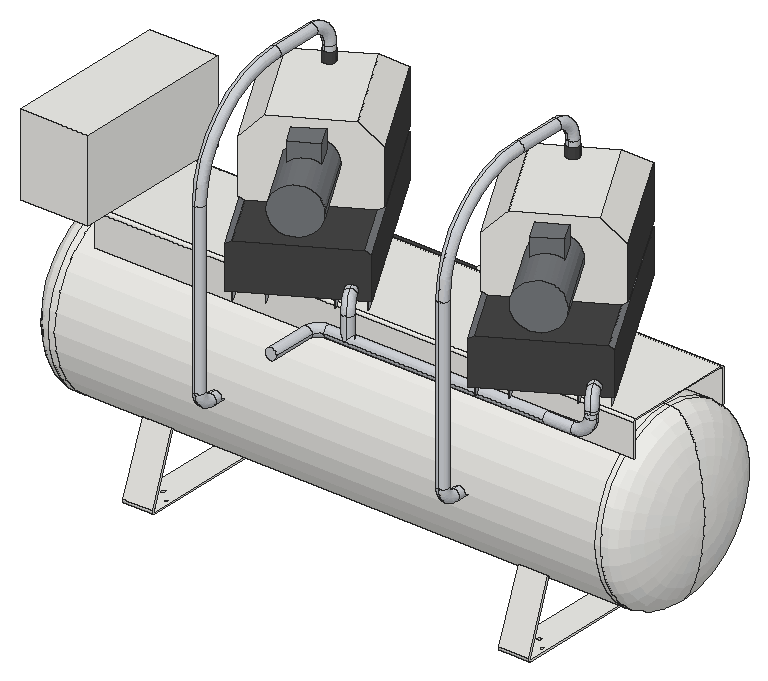
Revit family "HOSPIVAC 2 SIRELLA", category Equipement de génie climatique, Revit 2018 (continued)
Definition of nested family "SIRELLA SLR"
  Forms (mm)
    Extrusion 3, solid, detail levels fine
      from -87.8 to 251.2
    Extrusion 4, void
      sketch origin (0, 0, 0) x (1, 0, 0) y (0, 0, 1)
        loop
          line (236.2, 209.7) -> (206.2, 194.7) -> (236.2, 179.7) -> (236.2, 209.7)
        loop
          line (-236.2, 209.7) -> (-236.2, 179.7) -> (-206.2, 194.7) -> (-236.2, 209.7)
      from 0 to 802.4
    Extrusion 5, solid, detail levels fine
      sketch origin (0, 0, 0) x (1, 0, 0) y (0, 1, 0)
        loop
          circle (-150, -67.2) r 25
        loop
          circle (150, -67.2) r 25
        loop
          circle (150, -737.2) r 25
        loop
          circle (-150, -737.2) r 25
      from 0 to -24.4
    Extrusion 6, solid
      sketch origin (0, 0, 0) x (1, 0, 0) y (0, 1, 0)
        loop
          circle (0, -672.3) r 28.3
      from 508.6 to 543.7
    Extrusion 7, void
      sketch origin (0, 0, 0) x (1, 0, 0) y (0, 0, 1)
        loop
          circle (-181.6, 39.6) r 28.3
      from -87.8 to 26.2
    Extrusion 8, solid, detail levels fine
      sketch origin (0, 0, 0) x (1, 0, 0) y (0, 1, 0)
        loop
          line (-59.95, -103.7) -> (-59.95, -223.6) -> (59.95, -223.6) -> (59.95, -103.7) -> (-59.95, -103.7)
      from 351.65 to 517.45
    Extrusion 9, void
      sketch origin (0, 0, 0) x (0, 1, 0) y (0, 0, 1)
        loop
          circle (-183.6, 472.8) r 5
      from 0 to -57.5 <- "SORTIE_CABLE_ELECT"
    Extrusion 10, solid, visible <- "ZONE_MAINTENANCE"
      sketch origin (0, 0, 0) x (0, 1, 0) y (0, 0, 1)
        loop
          line (-1002.4, 843.7) -> (-1002.4, -24.4) -> (287.8, -24.4) -> (287.8, 843.7) -> (-1002.4, 843.7)
      from -436.2 to 436.2
    Extrusion 11, solid, detail levels coarse+medium
      sketch origin (0, 0, 0) x (0, 1, 0) y (0, 0, 1)
        loop
          line (-802.4, -24.4) -> (87.8, -24.4) -> (87.8, 508.6) -> (-802.4, 508.6) -> (-802.4, -24.4)
      from -236.2 to 236.2
    Extrusion 12, void
      sketch origin (0, 0, 0) x (1, 0, 0) y (0, 0, 1)
        loop
          circle (-181.6, 39.6) r 28.3
      from -87.8 to 26.2
  Cuts and joins
    Extrusion 2, Extrusion 4, Extrusion 7, Extrusion 12 cuts Extrusion 1
    Extrusion 9 cuts Extrusion 8
    joined: Extrusion 3, Extrusion 8
    Extrusion 12 cuts Extrusion 10
    Extrusion 12 cuts Extrusion 11
  Lines and regions (mm)
    Split face 1
      outline origin (236.2, -802.4, 0) x (0, 1, 0) y (0, 0, 1)
        loop
          line (0, 212.2) -> (551.2, 212.2)
    Split face 2
      outline origin (236.2, -802.4, 408.6) x (-1, 0, 0) y (0, 0, -1)
        loop
          line (442.4, 213.9) -> (30, 213.9)
    Split face 3
      outline origin (-236.2, -802.4, 0) x (0, -1, 0) y (0, 0, 1)
        loop
          line (-551.2, 212.2) -> (0, 212.2)
  Dimensions and locks
    "HAUTEUR": plane 22 "HAUT_BOSS_1" to plane 12 "FIX_BAS"
    "LONGUEUR": plane 4 "CORPS_AV" to plane 32 "MOT_AR"
    "HAUT_SILENCIEUX": plane 7 "HAUT_CAISSON" to level
    equal spacing: plane 9 "CORPS_DROITE", plane 3 "Centre (gauche/droite)", plane 8 "CORPS_GAUCHE"
    "LARGEUR": plane 9 "CORPS_DROITE" to plane 8 "CORPS_GAUCHE"
    "LARG_CHANFREIN": plane 5 "CORPS_HAUT" to plane 10 "HAUT_CHANF"
    "LARG_CHANFREIN": plane 4 "CORPS_AV" to plane 11 "CHANF_AV"
    equal spacing: plane 14 "CHANF_DROITE", plane 3 "Centre (gauche/droite)", plane 13 "CHANF_GAUCHE"
    "LARG_CHANFREIN": plane 9 "CORPS_DROITE" to plane 14 "CHANF_DROITE"
    "LARG_CHANFREIN": plane 5 "CORPS_HAUT" to plane 15
    equal spacing: plane 7 "HAUT_CAISSON", plane 16 "HAUT_MOT", plane 5 "CORPS_HAUT"
    equal spacing: Extrusion 4 sketch curve, plane 7 "HAUT_CAISSON", Extrusion 4 sketch curve  (x2)
    "HAUT_RAINURE": Extrusion 4 sketch curve to Extrusion 4 sketch curve  (x2)
    "HAUT_RAINURE": plane 9 "CORPS_DROITE" to Extrusion 4 sketch curve
    "HAUT_RAINURE": cut or joined group of Extrusion 1, Extrusion 2, Extrusion 4, Extrusion 7, Extrusion 12 to Extrusion 4 sketch curve
    "LONG_OFFSET_FIX": plane 1 "Centre (avant/arrière)" to plane 20 "POS_FIX_AR"
    "LARG_OFFSET_FIX": plane 17 "FIX_DROITE" to plane 9 "CORPS_DROITE"
    "HAUT_FIX": level to plane 12 "FIX_BAS"
    "HAUT_BRIDE": plane 22 "HAUT_BOSS_1" to plane 5 "CORPS_HAUT"
    "LARG_OFFSET_REFOUL": plane 24 "BOSS_GAUCHE" to plane 9 "CORPS_DROITE"
    "HAUT_OFFSET_REFOUL": plane 12 "FIX_BAS" to plane 23 "POS_BOSS_2"
    "LONG_REFOUL": plane 25 "LONG_REFOUL" to plane 1 "Centre (avant/arrière)"
    equal spacing: plane 29 "BOIT_GAUCHE", plane 3 "Centre (gauche/droite)", plane 28 "BOIT_DROITE"
    "LONG_BOITE": plane 26 "BOIT_AR" to plane 27 "BOIT_AV"
    "LONG_OFFSET_BOITE": plane 26 "BOIT_AR" to plane 32 "MOT_AR"
    "LONG_OFFSET_CABLE_ELECT": plane 26 "BOIT_AR" to plane 30 "ELECT_AV"
    "HAUT_OFFSET_CABLE_ELECT": plane 5 "CORPS_HAUT" to plane 31 "ELECT_HAUT"
    "LONG_OFFSET_BRIDE_ASPI": plane 4 "CORPS_AV" to plane 21 "POS_BOSS_1"
    "LONG_MOT": plane 6 "MOT_AV" to plane 32 "MOT_AR"
    plane 26 "BOIT_AR" to plane 27 "BOIT_AV" = 119.9 mm
    "LARG_BOITE": plane 29 "BOIT_GAUCHE" to plane 28 "BOIT_DROITE"
    "LONG_ENTRAXE_FIX": plane 20 "POS_FIX_AR" to plane 19 "FIX_AV"
    "LARG_ENTRAXE_FIX": plane 18 "FIX_GAUCHE" to plane 17 "FIX_DROITE"
    "HAUT_BOITE": plane 33 "BOIT_HAUT" to plane 16 "HAUT_MOT"
    "OFFSET_MAINTENANCE": plane 37 to plane 8 "CORPS_GAUCHE"
    "OFFSET_MAINTENANCE": plane 9 "CORPS_DROITE" to plane 38
    "OFFSET_MAINTENANCE": plane 32 "MOT_AR" to plane 35 "MAINT_AR"
    "OFFSET_MAINTENANCE": plane 34 "MAINT_AV" to plane 4 "CORPS_AV"
    "HAUT_MAINTENANCE": plane 36 "MAINT_HAUT" to plane 22 "HAUT_BOSS_1"
    "LONG_CORPS": plane 4 "CORPS_AV" to plane 1 "Centre (avant/arrière)"
    "RAY_MOT": radius of Extrusion 3 sketch curve
    "RAY_FIX": radius of Extrusion 5 sketch curve  (x4)
    "RAY_BRIDE": radius of Extrusion 6 sketch curve
    "RAY_BRIDE": radius of Extrusion 7 sketch curve
    "RAY_CABLE_ELECT": radius of Extrusion 9 sketch curve
    "RAY_BRIDE": radius of Extrusion 12 sketch curve
    aligned and locked: level to plane 2
    aligned and locked: plane 4 "CORPS_AV" to Extrusion 1
    aligned and locked: Extrusion 1 to level
    aligned and locked: Extrusion 1 to plane 1 "Centre (avant/arrière)"
    aligned and locked: plane 7 "HAUT_CAISSON" to Extrusion 1
    aligned and locked: plane 6 "MOT_AV" to Extrusion 1
    aligned and locked: plane 9 "CORPS_DROITE" to Extrusion 1
    aligned and locked: Extrusion 1 to plane 8 "CORPS_GAUCHE"
    aligned and locked: plane 4 "CORPS_AV" to Extrusion 1 sketch curve
    aligned and locked: plane 5 "CORPS_HAUT" to Extrusion 1 sketch curve
    aligned and locked: plane 4 "CORPS_AV" to Extrusion 2
    aligned and locked: plane 6 "MOT_AV" to Extrusion 2
    aligned and locked: plane 16 "HAUT_MOT" to Extrusion 3 sketch curve
    aligned and locked: plane 3 "Centre (gauche/droite)" to Extrusion 3 sketch curve
    aligned and locked: Extrusion 3 to plane 6 "MOT_AV"
    aligned and locked: plane 8 "CORPS_GAUCHE" to Extrusion 4 sketch curve
    aligned and locked: plane 9 "CORPS_DROITE" to Extrusion 4 sketch curve
    aligned and locked: plane 4 "CORPS_AV" to Extrusion 4
    aligned and locked: Extrusion 4 to plane 1 "Centre (avant/arrière)"
    aligned and locked: plane 20 "POS_FIX_AR" to Extrusion 5 sketch curve  (x2)
    aligned and locked: plane 18 "FIX_GAUCHE" to Extrusion 5 sketch curve  (x2)
    aligned and locked: plane 17 "FIX_DROITE" to Extrusion 5 sketch curve  (x2)
    aligned and locked: plane 19 "FIX_AV" to Extrusion 5 sketch curve  (x2)
    aligned and locked: level to Extrusion 5
    aligned and locked: Extrusion 5 to plane 12 "FIX_BAS"
    aligned and locked: plane 21 "POS_BOSS_1" to Extrusion 6 sketch curve
    aligned and locked: plane 3 "Centre (gauche/droite)" to Extrusion 6 sketch curve
    aligned and locked: plane 5 "CORPS_HAUT" to Extrusion 6
    aligned and locked: plane 22 "HAUT_BOSS_1" to Extrusion 6
    aligned and locked: plane 24 "BOSS_GAUCHE" to Extrusion 7 sketch curve
    aligned and locked: plane 23 "POS_BOSS_2" to Extrusion 7 sketch curve
    aligned and locked: Extrusion 7 to plane 25 "LONG_REFOUL"
    aligned and locked: Extrusion 8 sketch curve to plane 26 "BOIT_AR"
    aligned and locked: plane 29 "BOIT_GAUCHE" to Extrusion 8 sketch curve
    aligned and locked: Extrusion 8 sketch curve to plane 28 "BOIT_DROITE"
    aligned and locked: plane 27 "BOIT_AV" to Extrusion 8 sketch curve
    aligned and locked: Extrusion 8 to plane 16 "HAUT_MOT"
    aligned and locked: plane 31 "ELECT_HAUT" to Extrusion 9 sketch curve
    aligned and locked: plane 30 "ELECT_AV" to Extrusion 9 sketch curve
    aligned and locked: plane 3 "Centre (gauche/droite)" to Extrusion 9
    aligned and locked: plane 32 "MOT_AR" to Extrusion 3
    aligned and locked: Extrusion 8 to plane 33 "BOIT_HAUT"
    aligned and locked: Extrusion 10 sketch curve to plane 35 "MAINT_AR"
    aligned and locked: plane 12 "FIX_BAS" to Extrusion 10 sketch curve
    aligned and locked: plane 34 "MAINT_AV" to Extrusion 10 sketch curve
    aligned and locked: Extrusion 10 sketch curve to plane 36 "MAINT_HAUT"
    aligned and locked: Extrusion 10 to plane 38
    aligned and locked: plane 37 to Extrusion 10
    aligned and locked: plane 9 "CORPS_DROITE" to Extrusion 11
    aligned and locked: Extrusion 11 to plane 8 "CORPS_GAUCHE"
    aligned and locked: Extrusion 11 sketch curve to plane 5 "CORPS_HAUT"
    aligned and locked: Extrusion 11 sketch curve to plane 4 "CORPS_AV"
    aligned and locked: plane 12 "FIX_BAS" to Extrusion 11 sketch curve
    aligned and locked: Extrusion 11 sketch curve to plane 32 "MOT_AR"
    aligned and locked: Extrusion 7 to cut or joined group of Extrusion 3, Extrusion 8, Extrusion 9
    aligned and locked: Extrusion 12 to Extrusion 7  (x2)
  Automatic sketch dimensions
    Extrusion 1 sketch curve to plane 11 "CHANF_AV" = 0 mm
    Extrusion 1 sketch curve to plane 6 "MOT_AV" = 0 mm
    Extrusion 1 sketch curve to plane 1 "Centre (avant/arrière)" = 0 mm
    Extrusion 1 sketch curve to level = 0 mm
    Extrusion 1 sketch curve to plane 7 "HAUT_CAISSON" = 0 mm
    Extrusion 1 sketch curve to plane 10 "HAUT_CHANF" = 0 mm
    Extrusion 2 sketch curve to plane 5 "CORPS_HAUT" = 0 mm  (x2)
    Extrusion 2 sketch curve to plane 8 "CORPS_GAUCHE" = 0 mm
    Extrusion 2 sketch curve to plane 13 "CHANF_GAUCHE" = 0 mm
    Extrusion 2 sketch curve to plane 14 "CHANF_DROITE" = 0 mm
    Extrusion 2 sketch curve to plane 9 "CORPS_DROITE" = 0 mm
    Extrusion 2 sketch curve to plane 10 "HAUT_CHANF" = 0 mm  (x2)
    Split face 1 sketch curve to cut or joined group of Extrusion 1, Extrusion 2, Extrusion 4, Extrusion 7, Extrusion 12 = 0 mm  (x2)
    Split face 1 sketch curve to cut or joined group of Extrusion 1, Extrusion 2, Extrusion 4, Extrusion 7, Extrusion 12 = 2.5 mm
    Split face 2 sketch curve to cut or joined group of Extrusion 1, Extrusion 2, Extrusion 4, Extrusion 7, Extrusion 12 = 0 mm  (x2)
    cut or joined group of Extrusion 1, Extrusion 2, Extrusion 4, Extrusion 7, Extrusion 12 to Split face 2 sketch curve = 0 mm
    Split face 3 sketch curve to cut or joined group of Extrusion 1, Extrusion 2, Extrusion 4, Extrusion 7, Extrusion 12 = 0 mm  (x2)
    Split face 3 sketch curve to cut or joined group of Extrusion 1, Extrusion 2, Extrusion 4, Extrusion 7, Extrusion 12 = 2.5 mm
    Extrusion 4 sketch curve to plane 7 "HAUT_CAISSON" = 0 mm  (x2)
    Extrusion 12 sketch curve to plane 23 "POS_BOSS_2" = 0 mm
    plane 24 "BOSS_GAUCHE" to Extrusion 12 sketch curve = 0 mm
  Connectors
    piping at (0, -672.3, 543.7), diameter 56.6, driven by "DIAM_ASPI_VIDE", driven by "DEBIT_ASPI_VIDE", driven by "DESCR_ASPI"
      settings: on Extrusion 6, index 1, connector inside diameter 609.6 mm, connector length 0 mm, flow factor 0, pipe flow 300.0 m³/h, pressure drop 0.0 Pa, fitting loss kfactor 0, connector angle 0.00°, fixture units 0, engagement length 0 mm, angle of deflection 0.00°, flow configuration 0, flow direction 1, fitting loss method 0, system type 22, joint type 0, gender type 0, connector reference index -1, connector utility 1, adjustable connector no, is connector primary yes, connector description "Aspiration vide ; 260 m3/h ; G 2\" FEM"
    piping at (-181.6, -26.2, 39.6), diameter 56.6, driven by "DIAM_ASPI_VIDE", driven by "DEBIT_REFOUL_VIDE", driven by "DESCR_REFOUL"
      settings: on cut or joined group of Extrusion 1, Extrusion 2, Extrusion 4, Extrusion 7, Extrusion 12, index 2, connector inside diameter 609.6 mm, connector length 0 mm, flow factor 0, pipe flow 300.0 m³/h, pressure drop 0.0 Pa, fitting loss kfactor 0, connector angle 0.00°, fixture units 0, engagement length 0 mm, angle of deflection 0.00°, flow configuration 0, flow direction 2, fitting loss method 0, system type 22, joint type 0, gender type 0, connector reference index -1, connector utility 1, adjustable connector no, is connector primary no, connector description "Refoulement vide ; 260 m3/h ; G 2\" FEM"
    electrical at (0, -183.6, 472.8), driven by "NBR_POLES", driven by "TENSION_ALIM", driven by "PUISSANCE_APPARENTE", driven by "DESCR_ALIM_X"
      settings: on cut or joined group of Extrusion 3, Extrusion 8, Extrusion 9, index 3, voltage 400 V, apparent load 3333.33 VA, apparent load phase1 0 VA, apparent load phase2 0 VA, apparent load phase3 0 VA, power factor 1, load classification none, number of poles 3, system type 30, power factor state 1, is connector primary yes, connector utility yes, sub classification motor no, connector description "Puissance electrique, 4G2.5mm²"
Types (4, lengths in mm): name | ØPOT_FILTRE | ØFILTRE | ØCANA | TAILLE_POMPE | PUISS_ELECT_2 | PUISS_ELECT | PUISS_APPARENTE_2 | PUISS_APPARENTE | POIDS(Kg) | OFFSET_REFOUL_PPE_B | OFFSET_REFOUL_PPE_A | OFFSET_LONG_CANA_REFOUL_PPE_B | OFFSET_LONG_CANA_ASPI | OFFSET_LONG_B1 | OFFSET_LONG_A2 | OFFSET_BRIDE | OFFSET1_LARG_ZONE_MAINT | NIVEAU_SONORE(dB(A)) | LONG_U | LONG_REFOUL | LONG_CANA_REFOUL | HAUT_REFOUL_PPE | HAUT_FIX | HAUT_CANA_REFOUL | HAUTEUR | HAUT_FILTRE | HAUT_CANA_ASPI | DIAM_REFOUL_VIDE | DIAM_ASPI_VIDE | DESCR_REFOUL | DESCR_ASPI | DEBIT_REFOUL_VIDE | DEBIT_ASPI_VIDE | OFFSET_LARG_2 | OFFSET_LARG_1 | OFFSET_LONG_B2 | OFFSET_LONG_A1
  (no name) | 100 | 112 | 40 | SIRELLA SLR : SL100.R | 2.2 kW | 2.2 kW | 2444.44 VA | 2444.44 VA | 650 | 221.7 | 1001.1 | 162.1 | 597 | 1277 | 637 | 200.5 | 656 | 69 | 650 | 65.2 | 190.094 | 949.8 | 15.2 | 124 | 1500 | 425 | 1500 | 32 | 32 | "Refoulement Vide ; 2x90 m³/h ; G 1\"1/2\"FEM" | "Aspiration Vide ; 2x90 m³/h ; G 1\"1/2FEM" | 180.0 m³/h | 180.0 m³/h | 332 | 182 | 1537 | 377
  b - HOSPIVAC 2 SL150.R | 150 | 195 | 40 | SIRELLA SLR : SL150.R | 3 kW | 3 kW | 3333.33 VA | 3333.33 VA | 670 | 221.7 | 1001.1 | 162.1 | 597 | 1277 | 637 | 200 | 697.5 | 69 | 650 | 65.2 | 190.094 | 949.8 | 15.2 | 124 | 1500 | 380 | 1500 | 40 | 40 | "Refoulement Vide ; 2x140 m³/h ; G 1\"1/2\"FEM" | "Aspiration Vide ; 2x140 m³/h ; G 1\"1/2 FEM" | 280.0 m³/h | 280.0 m³/h | 332 | 182 | 1537 | 377
  a - HOSPIVAC 2 SL100.R | 100 | 112 | 40 | SIRELLA SLR : SL100.R | 2.2 kW | 2.2 kW | 2444.44 VA | 2444.44 VA | 650 | 221.7 | 1001.1 | 162.1 | 597 | 1277 | 637 | 200.5 | 656 | 69 | 650 | 65.2 | 190.094 | 949.8 | 15.2 | 124 | 1500 | 425 | 1500 | 32 | 32 | "Refoulement Vide ; 2x90 m³/h ; G 1\"1/2\"FEM" | "Aspiration Vide ; 2x90 m³/h ; G 1\"1/2FEM" | 180.0 m³/h | 180.0 m³/h | 332 | 182 | 1537 | 377
  c - HOSPIVAC 2 SL300.R | 150 | 195 | 50 | SIRELLA SLR : SL300.R | 5.5 kW | 5.5 kW | 6111.11 VA | 6111.11 VA | 940 | 195.2 | 974.7 | 192.6 | 559 | 1237 | 597 | 266.5 | 697.5 | 70 | 730 | 80 | 195 | 950 | 24.4 | 139 | 1600 | 380 | 1550 | 50 | 50 | "Refoulement Vide ; 2x260 m³/h ; G 2\"FEM" | "Aspiration Vide ; 2x260 m³/h ; G 2\"FEM" | 520.0 m³/h | 520.0 m³/h | 401 | 251 | 1497 | 337
